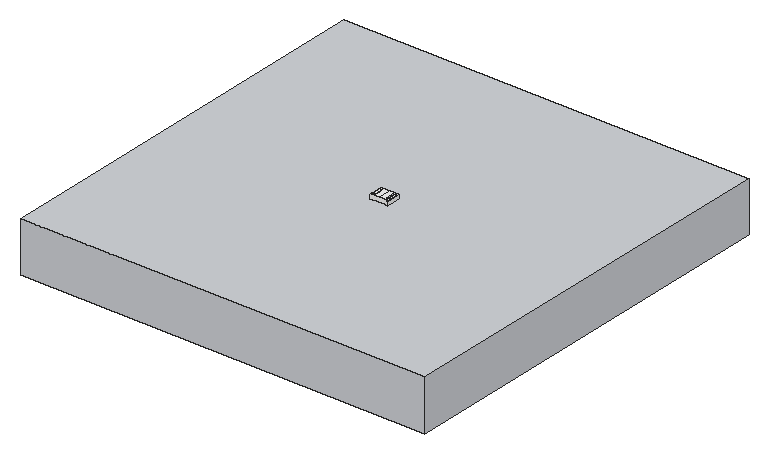
Revit family "Módulo máster para 1 zona de detectores_Aguilera Electronica", category Dispositivos de alarma de incendios, Revit 2017
Family settings
  Anfitrión = Cara
  Mantener orientación de anotación = Sí
  Cota de conector redondo = Diámetro de uso
  Tipo de pieza = Normal
  Número OmniClass = 23.85.30.21
  Título OmniClass = Environmental Detection/Registration
  Corte con vacíos al cargar = No
  Compartido = No
  Punto de cálculo de habitación = No
Parameters (values of type "Módulo máster para el control de 1 detector de humos lineal")
  URL = "http://aguilera.es/?productos=modulo-master-para-el-control-de-1-detector-de-humos-lineal"
  Símbolo texto modelo = yes
  Símbolo = yes
  Modelo = "AE/SA-MDL"
  Fabricante = "Aguilera Electrónica"  # constant formula
  Elevación por defecto = 1200 mm
  Diámetro tubo = 20 mm
  Descripción = "Unidad microprocesada direccionable fabricada por AGUILERA ELECTRÓNICA que controla un bucle con detectores, pulsadores u otros equipos convencionales.\r\nDispone de un relé de salida supervisado para la activación de una maniobra de evacuación en cumplimiento de la norma de instalación EN 54-14. Especial para controlar zonas de detectores o pulsadores convencionales en áreas donde no se instalan detectores inteligentes.\r\n• Admite alimentación auxiliar para los equipos del bucle.\r\n• Provisto de autoaislador que le aísla del resto de la instalación en caso de cortocircuito en su interior.\r\n• Conexión a 2 hilos con clemas extraíbles.\r\n• Alimentación: entre 18 y 27 Vcc.\r\n• Consumo máximo: 900 μA.\r\n• Consumo máximo bucle alimentación auxiliar: 44mA.\r\n• Montado en caja de ABS de 105 x 82 x 25mm."  # constant formula
  Comentarios de tipo = "Para el control de 1 detector de humos lineal"
Types (4, lengths in mm): name | URL | Modelo | Comentarios de tipo
  (no name) | "http://aguilera.es/?productos=modulo-master-para-el-control-de-1-detector-de-humos-lineal" | "AE/SA-MDL" | "Para el control de 1 detector de humos lineal"
  Módulo máster para una zona de detectores convencionales | "http://aguilera.es/?productos=modulo-master-para-una-1-zona-de-detectores" | "AE/SA-AB" | "Para una zona de detectores convencionales"
  Módulo máster para una zona de detectores C5 | "http://aguilera.es/?productos=modulo-master-para-una-1-zona-de-detectores-convencionales-c5" | "AE/SA-MC5" | "Para una zona de detectores C5"
  Módulo máster para el control de 1 detector de humos lineal | "http://aguilera.es/?productos=modulo-master-para-el-control-de-1-detector-de-humos-lineal" | "AE/SA-MDL" | "Para el control de 1 detector de humos lineal"
Reference planes
  plane 1 "Centro (Frontal/Posterior)": y = 0
  plane 2: z = 0
  plane 3 "Centro (Izquierda/Derecha)": x = 0
Forms (mm)
  Extrusion 1, solid
    sketch origin (0, 0, 0) x (1, 0, 0) y (0, 1, 0)
      loop
        line (-1219.2, 1219.2) -> (-1219.2, -1219.2) -> (1219.2, -1219.2) -> (1219.2, 1219.2) -> (-1219.2, 1219.2)
    from 0 to -304.8
  Extrusion 2, solid, material "ABS blanco"
    sketch origin (247.5, 0, 0) x (1, 0, 0) y (0, 0, 1)
      loop
        line (-300, 0) -> (-285, 0)
        arc (-285, 0) -> (-282.824, 1.248) -> (-280.468, 2.113) r 14.863
        line (-280.468, 2.113) -> (-247.5, 2.113) -> (-214.532, 2.113)
        arc (-214.532, 2.113) -> (-212.176, 1.248) -> (-210, 0) r 14.863
        line (-210, 0) -> (-195, 0) -> (-195, 18.612)
        arc (-195, 18.612) -> (-196.871, 23.129) -> (-201.388, 25) r 6.388
        line (-201.388, 25) -> (-247.5, 25) -> (-293.612, 25)
        arc (-293.612, 25) -> (-298.129, 23.129) -> (-300, 18.612) r 6.388
        line (-300, 18.612) -> (-300, 0)
    from -41 to 41
  Extrusion 3, void
    sketch origin (0, 0, 0) x (1, 0, 0) y (0, 1, 0)
      loop
        line (-52.5, 24.796) -> (-52.5, 23.627) -> (-34.278, 23.627) -> (-34.278, -23.627) -> (-52.5, -23.627) -> (-52.5, -24.796) -> (-32.968, -24.796) -> (-32.968, 24.796) -> (-52.5, 24.796)
      loop
        line (52.5, 24.796) -> (32.968, 24.796) -> (32.968, -24.796) -> (52.5, -24.796) -> (52.5, -23.627) -> (34.278, -23.627) -> (34.278, 23.627) -> (52.5, 23.627) -> (52.5, 24.796)
    from 21.624 to 25
  Extrusion 4, void
    sketch origin (0, 0, 0) x (1, 0, 0) y (0, 1, 0)
      loop
        line (49.644, -23.627) -> (52.5, -23.627) -> (52.5, 23.625) -> (49.644, 23.625) -> (49.644, -23.627)
      loop
        line (-49.644, -23.627) -> (-49.644, 23.625) -> (-52.5, 23.625) -> (-52.5, -23.627) -> (-49.644, -23.627)
    from 16.621 to 21.624
Cuts and joins
  Extrusion 3, Extrusion 4 cuts Extrusion 2
Dimensions and locks
  aligned and locked: plane 2 to Extrusion 1
  aligned and locked: level to Extrusion 1
  aligned and locked: Extrusion 2 to Extrusion 3
  aligned and locked: Extrusion 4 to Extrusion 3
Nested families
  nested 1: "S_Módulo máster para 1 zona de detectores_Aguilera Electronica" at (0, 0, 0), visible <- "Símbolo", type "S_Módulo máster para 1 zona de detectores_Aguilera Electronica"
Connectors
  cabletrayconduit at (-16.484, 0, 2.113), diameter 20, driven by "Diámetro tubo", driven by "Modelo"
    settings: on cut or joined group of Extrusion 2, Extrusion 3, Extrusion 4, index 1, connector width 300 mm, connector height 300 mm, connector angle 0.00°, system type 32, placement type 0, profile type 0, connector reference index -1, is primary connector yes, connector utility param no, connector description "AE/SA-MDL"
Definition of nested family "S_Módulo máster para 1 zona de detectores_Aguilera Electronica"
  Parameters (values of type "S_Módulo máster para 1 zona de detectores_Aguilera Electronica")
    Texto símbolo = "Módulo M"
    Texto modelo = yes
    Modelo = "Módulo M"
  Reference planes
    plane 1: y = 0
    plane 2: x = 0
  Lines and regions (mm)
    detail lines
      curve 1: line (-3.358, -2.749, 0) -> (3.358, -2.749, 0)
      curve 2: line (-3.358, 2.749, 0) -> (-3.358, -2.749, 0)
      curve 3: line (3.358, 2.749, 0) -> (-3.358, 2.749, 0)
      curve 4: line (3.358, -2.749, 0) -> (3.358, 2.749, 0)
  Text (mm)
    label "Texto símbolo" at (0.015, 1.109, 0), shows "Texto símbolo"
    label "Modelo" at (0.015, -1.385, 0), shows "Modelo", visible <- "Texto modelo"
